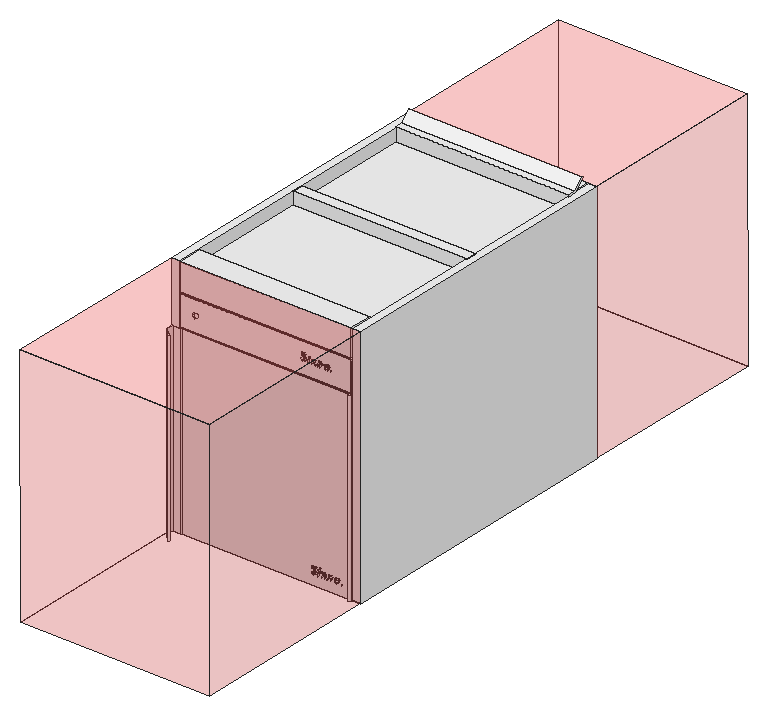
Revit family "Security_ShureSAFE-SPT355", category Generic Models, Revit 2026
Family settings
  Can host rebar = No
  Round Connector Dimension = Use Diameter
  Part Type = Normal
  Work Plane-Based = No
  Always vertical = Yes
  Cut with Voids When Loaded = No
  Maintain Annotation Orientation = No
  Shared = No
  Room Calculation Point = No
Parameters
  URL = "https://www.shuresafe.com/product-category/secure-transaction-drawers/"
  Type Comments = ""
  Specifications = "https://www.arcat.com/company/shure-mfg--corp-35487/spec"
  ProductData = "https://www.arcat.com/arcatcos/cos35/arc35487.html"
  Model = "SPT355"
  Manufacturer = "ShureSAFE"
  Keynote = ""
  Description = ""
  Default Elevation = 0' - 0"
  Cost = 0
  Clearence [instance] = yes
  CADDetails = "https://www.arcat.com/company/shure-mfg--corp-35487/cad"
  Assembly Code = "119713"
Reference planes (in)
  plane 1 "Center (Front/Back)": y = 0
  plane 2: z = 0
  plane 3 "Center (Left/Right)": x = 0
  plane 4: y = 7.3758
  plane 5: x = -8
  plane 6: x = 8
  plane 7: z = 20.625
  plane 8: x = -7.1875
  plane 9: x = 7.1875
  plane 10: z = 18.34375
  plane 11: y = 32.3758
  plane 12: y = 9.3758
  plane 13: z = 18.1875
  plane 14: z = 15.6875
  plane 15: z = 15.53125
  plane 16: y = -8.6242
  plane 17: y = 48.3758
Forms (in)
  Extrusion 1, solid, material "ShureSAFE"
    sketch origin (0.01682, 19.6258, 0) x (0, -1, 0) y (1, 0, 0)
      loop
        line (12.25, -8.01682) -> (12.25, -7.36057) -> (-12.75, -7.36057) -> (-12.75, -8.01682) -> (12.25, -8.01682)
      loop
        line (12.24933, 7.98318) -> (-12.75, 7.98318) -> (-12.75, 7.32693) -> (12.24933, 7.32693) -> (12.24933, 7.98318)
    from 0 to 20.625
  Extrusion 2, solid, not visible
    sketch origin (-1.52417, -6.7296, 0) x (0.707107, -0.707107, 0) y (0, 0, 1)
      loop
        circle (1, 21.8954) r 0.25
    from 0 to 5.8425
  Extrusion 3, solid, not visible
    sketch origin (-1.52417, -6.7296, 0) x (0.707107, -0.707107, 0) y (0, 0, 1)
      loop
        circle (1, 21.8954) r 0.5
    from 5.8125 to 6.125
  Extrusion 4, solid, material "Projection", visible <- "Clearence"
    sketch origin (0, 0, 0) x (1, 0, 0) y (0, 0, 1)
      loop
        line (-8, 20.625) -> (-8, 0) -> (8, 0) -> (8, 20.625) -> (-8, 20.625)
    from -7.3758 to 8.6242
  Extrusion 5, solid, material "ShureSAFE"
    sketch origin (0, 0.05995, 0) x (1, 0, 0) y (0, 0, 1)
      loop
        line (-7.1875, 15.6875) -> (7.1875, 15.6875) -> (7.1875, 18.1875) -> (-7.1875, 18.1875) -> (-7.1875, 15.6875)
    from -7.43575 to -7.3758
  Extrusion 6, solid, material "ShureSAFE"
    sketch origin (0, 0, 15.625) x (0, 1, 0) y (0, 0, 1)
      loop
        line (30.37325, 5) -> (30.92503, 5) -> (31.71811, 5.79308) -> (31.62972, 5.88147) -> (30.87325, 5.125) -> (30.24825, 5.125) -> (30.24825, 4) -> (20.3758, 4) -> (20.3758, 5) -> (19.3758, 5) -> (19.3758, 4) -> (9.3758, 4) -> (9.3758, 3.875) -> (30.37325, 3.875) -> (30.37325, 5)
    from -7.34375 to 7.34375
  Extrusion 7, solid, material "ShureSAFE"
    sketch origin (0, 0, 14.54595) x (1, 0, 0) y (0, 0, 1)
      loop
        line (-7.1875, 3.64155) -> (-7.1875, 1.14155) -> (7.1875, 1.14155) -> (7.1875, 3.64155) -> (-7.1875, 3.64155)
      loop
        circle (-5.9375, 2.39155) r 0.25
      loop
        arc (2.94663, 2.36328) -> (2.97252, 2.29968) -> (3.01352, 2.24459) r 0.27192
        arc (3.01352, 2.24459) -> (3.13863, 2.16929) -> (3.28463, 2.16685) r 0.2813
        arc (3.28463, 2.16685) -> (3.39689, 2.21691) -> (3.47919, 2.3082) r 0.2965
        arc (3.47919, 2.3082) -> (3.48314, 2.39279) -> (3.433, 2.46103) r 0.1269
        line (3.433, 2.46103) -> (3.16846, 2.67872)
        arc (3.16846, 2.67872) -> (3.16568, 2.7125) -> (3.19401, 2.73111) r 0.03318
        arc (3.19401, 2.73111) -> (3.25575, 2.73752) -> (3.31647, 2.72469) r 0.19989
        arc (3.31647, 2.72469) -> (3.33814, 2.70466) -> (3.34465, 2.67588) r 0.04973
        line (3.34465, 2.67588) -> (3.52192, 2.67588)
        arc (3.52192, 2.67588) -> (3.50223, 2.72849) -> (3.47124, 2.77535) r 0.24898
        arc (3.47124, 2.77535) -> (3.24542, 2.88076) -> (3.0196, 2.77535) r 0.29459
        arc (3.0196, 2.77535) -> (2.98015, 2.68749) -> (3.01437, 2.59747) r 0.12583
        line (3.01437, 2.59747) -> (3.29223, 2.36881)
        arc (3.29223, 2.36881) -> (3.30499, 2.3412) -> (3.29223, 2.31359) r 0.03626
        arc (3.29223, 2.31359) -> (3.22184, 2.30201) -> (3.15145, 2.31359) r 0.21971
        arc (3.15145, 2.31359) -> (3.12972, 2.33418) -> (3.12276, 2.36328) r 0.05255
        line (3.12276, 2.36328) -> (2.94663, 2.36328)
      loop
        line (3.66077, 2.8826) -> (3.5329, 2.15743) -> (3.67751, 2.15743) -> (3.73202, 2.46659)
        arc (3.73202, 2.46659) -> (3.83554, 2.5331) -> (3.90478, 2.43137) r 0.08819
        line (3.90478, 2.43137) -> (3.85663, 2.15743) -> (3.99967, 2.15743) -> (4.05857, 2.49147)
        arc (4.05857, 2.49147) -> (3.95592, 2.66242) -> (3.7596, 2.62758) r 0.17584
        line (3.7596, 2.62758) -> (3.80457, 2.8826) -> (3.66077, 2.8826)
      loop
        circle (5.55028, 2.24062) r 0.05083
      loop
        line (4.26074, 2.62644) -> (4.1177, 2.62644) -> (4.0694, 2.35253)
        arc (4.0694, 2.35253) -> (4.16784, 2.18249) -> (4.36418, 2.18989) r 0.19049
        line (4.36418, 2.18989) -> (4.35845, 2.15743) -> (4.50149, 2.15743) -> (4.58419, 2.62644) -> (4.44115, 2.62644) -> (4.39052, 2.33931)
        arc (4.39052, 2.33931) -> (4.28929, 2.27676) -> (4.21555, 2.37016) r 0.08943
        line (4.21555, 2.37016) -> (4.26074, 2.62644)
      loop
        line (4.80099, 2.62644) -> (4.64623, 2.62644) -> (4.56353, 2.15743) -> (4.71829, 2.15743) -> (4.76935, 2.447)
        arc (4.76935, 2.447) -> (4.82397, 2.51023) -> (4.90742, 2.50612) r 0.09531
        line (4.90742, 2.50612) -> (4.933, 2.62644)
        arc (4.933, 2.62644) -> (4.86069, 2.62084) -> (4.7947, 2.59076) r 0.20798
        line (4.7947, 2.59076) -> (4.80099, 2.62644)
      loop
        line (5.10466, 2.45418) -> (5.29346, 2.45418)
        arc (5.29346, 2.45418) -> (5.26648, 2.51265) -> (5.20551, 2.53337) r 0.08161
        arc (5.20551, 2.53337) -> (5.14311, 2.50903) -> (5.10466, 2.45418) r 0.11565
      loop
        arc (5.26954, 2.34516) -> (5.21179, 2.30155) -> (5.13944, 2.30289) r 0.11082
        arc (5.13944, 2.30289) -> (5.09776, 2.33793) -> (5.08825, 2.39155) r 0.07982
        line (5.08825, 2.39155) -> (5.46341, 2.39155)
        arc (5.46341, 2.39155) -> (5.19697, 2.65799) -> (4.93053, 2.39155) r 0.26644
        arc (4.93053, 2.39155) -> (4.99387, 2.23268) -> (5.14914, 2.16098) r 0.2309
        arc (5.14914, 2.16098) -> (5.32857, 2.20951) -> (5.45567, 2.34516) r 0.34001
        line (5.45567, 2.34516) -> (5.26954, 2.34516)
    from -9.3758 to -7.3758
  Extrusion 8, solid, material "ShureSAFE"
    sketch origin (0, 0, 16.98345) x (1, 0, 0) y (0, 0, 1)
      loop
        line (-7.1875, 3.64155) -> (-7.1875, 1.3603) -> (7.1875, 1.3603) -> (7.1875, 3.64155) -> (-7.1875, 3.64155)
    from -9.3758 to -7.3758
  Extrusion 9, solid, material "ShureSAFE"
    sketch origin (0, 39.69166, 0) x (1, 0, 0) y (0, 0, -1)
      loop
        line (-7.1875, -15.6875) -> (-7.1875, -18.1875) -> (7.1875, -18.1875) -> (7.1875, -15.6875) -> (-7.1875, -15.6875)
    from -7.43575 to -7.3758
  Extrusion 10, solid, material "ShureSAFE"
    sketch origin (0, 39.75161, 14.54595) x (1, 0, 0) y (0, 0, -1)
      loop
        line (-7.1875, -3.64155) -> (7.1875, -3.64155) -> (7.1875, -1.14155) -> (-7.1875, -1.14155) -> (-7.1875, -3.64155)
      loop
        circle (-5.9375, -2.39155) r 0.25
      loop
        arc (5.55337, -2.36328) -> (5.52748, -2.29968) -> (5.48648, -2.24459) r 0.27192
        arc (5.48648, -2.24459) -> (5.36137, -2.16929) -> (5.21537, -2.16685) r 0.2813
        arc (5.21537, -2.16685) -> (5.10311, -2.21691) -> (5.02081, -2.3082) r 0.2965
        arc (5.02081, -2.3082) -> (5.01686, -2.39279) -> (5.067, -2.46103) r 0.1269
        line (5.067, -2.46103) -> (5.33154, -2.67872)
        arc (5.33154, -2.67872) -> (5.33432, -2.7125) -> (5.30599, -2.73111) r 0.03318
        arc (5.30599, -2.73111) -> (5.24425, -2.73752) -> (5.18353, -2.72469) r 0.19989
        arc (5.18353, -2.72469) -> (5.16186, -2.70466) -> (5.15535, -2.67588) r 0.04973
        line (5.15535, -2.67588) -> (4.97808, -2.67588)
        arc (4.97808, -2.67588) -> (4.99777, -2.72849) -> (5.02876, -2.77535) r 0.24898
        arc (5.02876, -2.77535) -> (5.25458, -2.88076) -> (5.4804, -2.77535) r 0.29459
        arc (5.4804, -2.77535) -> (5.51985, -2.68749) -> (5.48563, -2.59747) r 0.12583
        line (5.48563, -2.59747) -> (5.20777, -2.36881)
        arc (5.20777, -2.36881) -> (5.19501, -2.3412) -> (5.20777, -2.31359) r 0.03626
        arc (5.20777, -2.31359) -> (5.27816, -2.30201) -> (5.34855, -2.31359) r 0.21971
        arc (5.34855, -2.31359) -> (5.37028, -2.33418) -> (5.37724, -2.36328) r 0.05255
        line (5.37724, -2.36328) -> (5.55337, -2.36328)
      loop
        line (4.83923, -2.8826) -> (4.9671, -2.15743) -> (4.82249, -2.15743) -> (4.76798, -2.46659)
        arc (4.76798, -2.46659) -> (4.66446, -2.5331) -> (4.59522, -2.43137) r 0.08819
        line (4.59522, -2.43137) -> (4.64337, -2.15743) -> (4.50033, -2.15743) -> (4.44143, -2.49147)
        arc (4.44143, -2.49147) -> (4.54408, -2.66242) -> (4.7404, -2.62758) r 0.17584
        line (4.7404, -2.62758) -> (4.69543, -2.8826) -> (4.83923, -2.8826)
      loop
        circle (2.94972, -2.24062) r 0.05083
      loop
        line (4.23926, -2.62644) -> (4.3823, -2.62644) -> (4.4306, -2.35253)
        arc (4.4306, -2.35253) -> (4.33216, -2.18249) -> (4.13582, -2.18989) r 0.19049
        line (4.13582, -2.18989) -> (4.14155, -2.15743) -> (3.99851, -2.15743) -> (3.91581, -2.62644) -> (4.05885, -2.62644) -> (4.10948, -2.33931)
        arc (4.10948, -2.33931) -> (4.21071, -2.27676) -> (4.28445, -2.37016) r 0.08943
        line (4.28445, -2.37016) -> (4.23926, -2.62644)
      loop
        line (3.69901, -2.62644) -> (3.85377, -2.62644) -> (3.93647, -2.15743) -> (3.78171, -2.15743) -> (3.73065, -2.447)
        arc (3.73065, -2.447) -> (3.67603, -2.51023) -> (3.59258, -2.50612) r 0.09531
        line (3.59258, -2.50612) -> (3.567, -2.62644)
        arc (3.567, -2.62644) -> (3.63931, -2.62084) -> (3.7053, -2.59076) r 0.20798
        line (3.7053, -2.59076) -> (3.69901, -2.62644)
      loop
        line (3.39534, -2.45418) -> (3.20654, -2.45418)
        arc (3.20654, -2.45418) -> (3.23352, -2.51265) -> (3.29449, -2.53337) r 0.08161
        arc (3.29449, -2.53337) -> (3.35689, -2.50903) -> (3.39534, -2.45418) r 0.11565
      loop
        arc (3.23046, -2.34516) -> (3.28821, -2.30155) -> (3.36056, -2.30289) r 0.11082
        arc (3.36056, -2.30289) -> (3.40224, -2.33793) -> (3.41175, -2.39155) r 0.07982
        line (3.41175, -2.39155) -> (3.03659, -2.39155)
        arc (3.03659, -2.39155) -> (3.30303, -2.65799) -> (3.56947, -2.39155) r 0.26644
        arc (3.56947, -2.39155) -> (3.50613, -2.23268) -> (3.35086, -2.16098) r 0.2309
        arc (3.35086, -2.16098) -> (3.17143, -2.20951) -> (3.04433, -2.34516) r 0.34001
        line (3.04433, -2.34516) -> (3.23046, -2.34516)
    from -9.3758 to -7.3758
  Extrusion 11, solid, material "ShureSAFE"
    sketch origin (0, 39.75161, 16.98345) x (1, 0, 0) y (0, 0, -1)
      loop
        line (-7.1875, -3.64155) -> (7.1875, -3.64155) -> (7.1875, -1.3603) -> (-7.1875, -1.3603) -> (-7.1875, -3.64155)
    from -9.3758 to -7.3758
  Extrusion 12, solid, material "ShureSAFE"
    sketch origin (0.01682, 19.6258, 0) x (0, -1, 0) y (1, 0, 0)
      loop
        line (-12.625, -7.36057) -> (12.125, -7.36057) -> (12.125, 7.32693) -> (-12.625, 7.32693) -> (-12.625, -7.36057)
    from 0 to 0.25
  Extrusion 13, solid, material "ShureSAFE"
    sketch origin (0, 0, 0) x (1, 0, 0) y (0, 1, 0)
      loop
        line (-7.22539, 6.03002) -> (-7.15779, 6.09762) -> (-7.42296, 6.36279) -> (-7.45676, 6.32899) -> (-7.8847, 6.75693) -> (-7.8847, 7.31433) -> (-7.1347, 7.31433) -> (-7.1347, 7.37483) -> (6.94513, 7.37483)
        arc (6.94513, 7.37483) -> (7.08196, 7.19342) -> (7.25, 7.34636) r 0.15375
        line (7.25, 7.34636) -> (7.25, 7.43575) -> (-7.1825, 7.43575) -> (-7.1825, 7.36213) -> (-7.9325, 7.36213) -> (-7.9325, 6.73713) -> (-7.22539, 6.03002)
      loop
        line (-7.22539, 33.72226) -> (-7.9325, 33.01515) -> (-7.9325, 32.39015) -> (-7.1825, 32.39015) -> (-7.1825, 32.31652) -> (7.25, 32.31652) -> (7.25, 32.40592)
        arc (7.25, 32.40592) -> (7.08196, 32.55886) -> (6.94513, 32.37745) r 0.15375
        line (6.94513, 32.37745) -> (-7.1347, 32.37745) -> (-7.1347, 32.43795) -> (-7.8847, 32.43795) -> (-7.8847, 32.99535) -> (-7.45676, 33.42329) -> (-7.42296, 33.38949) -> (-7.15779, 33.65466) -> (-7.22539, 33.72226)
    from 0 to 15.53125
  Extrusion 14, void
    sketch origin (0.88178, -4.87106, -1.33877) x (1, 0, 0) y (0, 0, 1)
      loop
        arc (2.94663, 2.36328) -> (2.97252, 2.29968) -> (3.01352, 2.24459) r 0.27192
        arc (3.01352, 2.24459) -> (3.13863, 2.16929) -> (3.28463, 2.16685) r 0.2813
        arc (3.28463, 2.16685) -> (3.39689, 2.21691) -> (3.47919, 2.3082) r 0.2965
        arc (3.47919, 2.3082) -> (3.48314, 2.39279) -> (3.433, 2.46103) r 0.1269
        line (3.433, 2.46103) -> (3.16846, 2.67872)
        arc (3.16846, 2.67872) -> (3.16568, 2.7125) -> (3.19401, 2.73111) r 0.03318
        arc (3.19401, 2.73111) -> (3.25575, 2.73752) -> (3.31647, 2.72469) r 0.19989
        arc (3.31647, 2.72469) -> (3.33814, 2.70466) -> (3.34465, 2.67588) r 0.04973
        line (3.34465, 2.67588) -> (3.52192, 2.67588)
        arc (3.52192, 2.67588) -> (3.50223, 2.72849) -> (3.47124, 2.77535) r 0.24898
        arc (3.47124, 2.77535) -> (3.24542, 2.88076) -> (3.0196, 2.77535) r 0.29459
        arc (3.0196, 2.77535) -> (2.98015, 2.68749) -> (3.01437, 2.59747) r 0.12583
        line (3.01437, 2.59747) -> (3.29223, 2.36881)
        arc (3.29223, 2.36881) -> (3.30499, 2.3412) -> (3.29223, 2.31359) r 0.03626
        arc (3.29223, 2.31359) -> (3.22184, 2.30201) -> (3.15145, 2.31359) r 0.21971
        arc (3.15145, 2.31359) -> (3.12972, 2.33418) -> (3.12276, 2.36328) r 0.05255
        line (3.12276, 2.36328) -> (2.94663, 2.36328)
      loop
        line (3.66077, 2.8826) -> (3.5329, 2.15743) -> (3.67751, 2.15743) -> (3.73202, 2.46659)
        arc (3.73202, 2.46659) -> (3.83554, 2.5331) -> (3.90478, 2.43137) r 0.08819
        line (3.90478, 2.43137) -> (3.85663, 2.15743) -> (3.99967, 2.15743) -> (4.05857, 2.49147)
        arc (4.05857, 2.49147) -> (3.95592, 2.66242) -> (3.7596, 2.62758) r 0.17584
        line (3.7596, 2.62758) -> (3.80457, 2.8826) -> (3.66077, 2.8826)
      loop
        circle (5.55028, 2.24062) r 0.05083
      loop
        line (4.26074, 2.62644) -> (4.1177, 2.62644) -> (4.0694, 2.35253)
        arc (4.0694, 2.35253) -> (4.16784, 2.18249) -> (4.36418, 2.18989) r 0.19049
        line (4.36418, 2.18989) -> (4.35845, 2.15743) -> (4.50149, 2.15743) -> (4.58419, 2.62644) -> (4.44115, 2.62644) -> (4.39052, 2.33931)
        arc (4.39052, 2.33931) -> (4.28929, 2.27676) -> (4.21555, 2.37016) r 0.08943
        line (4.21555, 2.37016) -> (4.26074, 2.62644)
      loop
        line (4.80099, 2.62644) -> (4.64623, 2.62644) -> (4.56353, 2.15743) -> (4.71829, 2.15743) -> (4.76935, 2.447)
        arc (4.76935, 2.447) -> (4.82397, 2.51023) -> (4.90742, 2.50612) r 0.09531
        line (4.90742, 2.50612) -> (4.933, 2.62644)
        arc (4.933, 2.62644) -> (4.86069, 2.62084) -> (4.7947, 2.59076) r 0.20798
        line (4.7947, 2.59076) -> (4.80099, 2.62644)
      loop
        line (5.10466, 2.45418) -> (5.29346, 2.45418)
        arc (5.29346, 2.45418) -> (5.26648, 2.51265) -> (5.20551, 2.53337) r 0.08161
        arc (5.20551, 2.53337) -> (5.14311, 2.50903) -> (5.10466, 2.45418) r 0.11565
      loop
        arc (5.26954, 2.34516) -> (5.21179, 2.30155) -> (5.13944, 2.30289) r 0.11082
        arc (5.13944, 2.30289) -> (5.09776, 2.33793) -> (5.08825, 2.39155) r 0.07982
        line (5.08825, 2.39155) -> (5.46341, 2.39155)
        arc (5.46341, 2.39155) -> (5.19697, 2.65799) -> (4.93053, 2.39155) r 0.26644
        arc (4.93053, 2.39155) -> (4.99387, 2.23268) -> (5.14914, 2.16098) r 0.2309
        arc (5.14914, 2.16098) -> (5.32857, 2.20951) -> (5.45567, 2.34516) r 0.34001
        line (5.45567, 2.34516) -> (5.26954, 2.34516)
    from -12.29046 to -11.99686
  Extrusion 15, void
    sketch origin (15.75866, 39.75161, 7.52974) x (1, 0, 0) y (0, 0, -1)
      loop
        arc (-9.16003, 6.97298) -> (-9.18592, 7.03658) -> (-9.22692, 7.09167) r 0.27192
        arc (-9.22692, 7.09167) -> (-9.35203, 7.16698) -> (-9.49803, 7.16941) r 0.2813
        arc (-9.49803, 7.16941) -> (-9.61028, 7.11935) -> (-9.69259, 7.02806) r 0.2965
        arc (-9.69259, 7.02806) -> (-9.69654, 6.94347) -> (-9.6464, 6.87524) r 0.1269
        line (-9.6464, 6.87524) -> (-9.38186, 6.65754)
        arc (-9.38186, 6.65754) -> (-9.37908, 6.62376) -> (-9.40741, 6.60516) r 0.03318
        arc (-9.40741, 6.60516) -> (-9.46914, 6.59874) -> (-9.52987, 6.61157) r 0.19989
        arc (-9.52987, 6.61157) -> (-9.55154, 6.6316) -> (-9.55805, 6.66038) r 0.04973
        line (-9.55805, 6.66038) -> (-9.73532, 6.66038)
        arc (-9.73532, 6.66038) -> (-9.71563, 6.60777) -> (-9.68464, 6.56092) r 0.24898
        arc (-9.68464, 6.56092) -> (-9.45882, 6.4555) -> (-9.233, 6.56092) r 0.29459
        arc (-9.233, 6.56092) -> (-9.19355, 6.64877) -> (-9.22777, 6.73879) r 0.12583
        line (-9.22777, 6.73879) -> (-9.50563, 6.96745)
        arc (-9.50563, 6.96745) -> (-9.51839, 6.99506) -> (-9.50563, 7.02267) r 0.03626
        arc (-9.50563, 7.02267) -> (-9.43524, 7.03425) -> (-9.36485, 7.02267) r 0.21971
        arc (-9.36485, 7.02267) -> (-9.34312, 7.00209) -> (-9.33616, 6.97298) r 0.05255
        line (-9.33616, 6.97298) -> (-9.16003, 6.97298)
      loop
        line (-9.87417, 6.45366) -> (-9.7463, 7.17883) -> (-9.8909, 7.17883) -> (-9.94542, 6.86968)
        arc (-9.94542, 6.86968) -> (-10.04894, 6.80317) -> (-10.11818, 6.90489) r 0.08819
        line (-10.11818, 6.90489) -> (-10.07003, 7.17883) -> (-10.21307, 7.17883) -> (-10.27197, 6.84479)
        arc (-10.27197, 6.84479) -> (-10.16932, 6.67385) -> (-9.973, 6.70868) r 0.17584
        line (-9.973, 6.70868) -> (-10.01797, 6.45366) -> (-9.87417, 6.45366)
      loop
        circle (-11.76368, 7.09565) r 0.05083
      loop
        line (-10.47414, 6.70982) -> (-10.3311, 6.70982) -> (-10.2828, 6.98373)
        arc (-10.2828, 6.98373) -> (-10.38124, 7.15378) -> (-10.57758, 7.14638) r 0.19049
        line (-10.57758, 7.14638) -> (-10.57185, 7.17883) -> (-10.71489, 7.17883) -> (-10.79759, 6.70982) -> (-10.65455, 6.70982) -> (-10.60392, 6.99696)
        arc (-10.60392, 6.99696) -> (-10.50269, 7.0595) -> (-10.42895, 6.9661) r 0.08943
        line (-10.42895, 6.9661) -> (-10.47414, 6.70982)
      loop
        line (-11.01439, 6.70982) -> (-10.85963, 6.70982) -> (-10.77693, 7.17883) -> (-10.93169, 7.17883) -> (-10.98275, 6.88927)
        arc (-10.98275, 6.88927) -> (-11.03737, 6.82603) -> (-11.12082, 6.83014) r 0.09531
        line (-11.12082, 6.83014) -> (-11.1464, 6.70982)
        arc (-11.1464, 6.70982) -> (-11.07409, 6.71542) -> (-11.0081, 6.74551) r 0.20798
        line (-11.0081, 6.74551) -> (-11.01439, 6.70982)
      loop
        line (-11.31806, 6.88208) -> (-11.50686, 6.88208)
        arc (-11.50686, 6.88208) -> (-11.47988, 6.82361) -> (-11.41891, 6.80289) r 0.08161
        arc (-11.41891, 6.80289) -> (-11.35651, 6.82723) -> (-11.31806, 6.88208) r 0.11565
      loop
        arc (-11.48293, 6.99111) -> (-11.42519, 7.03471) -> (-11.35284, 7.03338) r 0.11082
        arc (-11.35284, 7.03338) -> (-11.31116, 6.99833) -> (-11.30165, 6.94471) r 0.07982
        line (-11.30165, 6.94471) -> (-11.67681, 6.94471)
        arc (-11.67681, 6.94471) -> (-11.41037, 6.67827) -> (-11.14393, 6.94471) r 0.26644
        arc (-11.14393, 6.94471) -> (-11.20727, 7.10358) -> (-11.36254, 7.17529) r 0.2309
        arc (-11.36254, 7.17529) -> (-11.54197, 7.12675) -> (-11.66907, 6.99111) r 0.34001
        line (-11.66907, 6.99111) -> (-11.48293, 6.99111)
    from -7.47185 to -7.2596
  Extrusion 16, solid, material "Projection", visible <- "Clearence"
    sketch origin (0, 41, 0) x (1, 0, 0) y (0, 0, 1)
      loop
        line (-8, 20.625) -> (-8, 0) -> (8, 0) -> (8, 20.625) -> (-8, 20.625)
    from -7.3758 to 8.6242
Cuts and joins
  Extrusion 14, Extrusion 15 cuts Extrusion 13
Dimensions and locks (in)
  Extrusion 1 to Extrusion 1 = 1' - 8 5/8"  (x2)
  Extrusion 4 to Extrusion 4 = 1' - 4"
  plane 8 to plane 9 = 1' - 2 3/8"
  Extrusion 4 to Extrusion 4 = 1' - 8 5/8"
  plane 7 to plane 10 = 0' - 2 9/32"
  plane 11 to plane 4 = 2' - 1"
  aligned and locked: plane 2 to level
